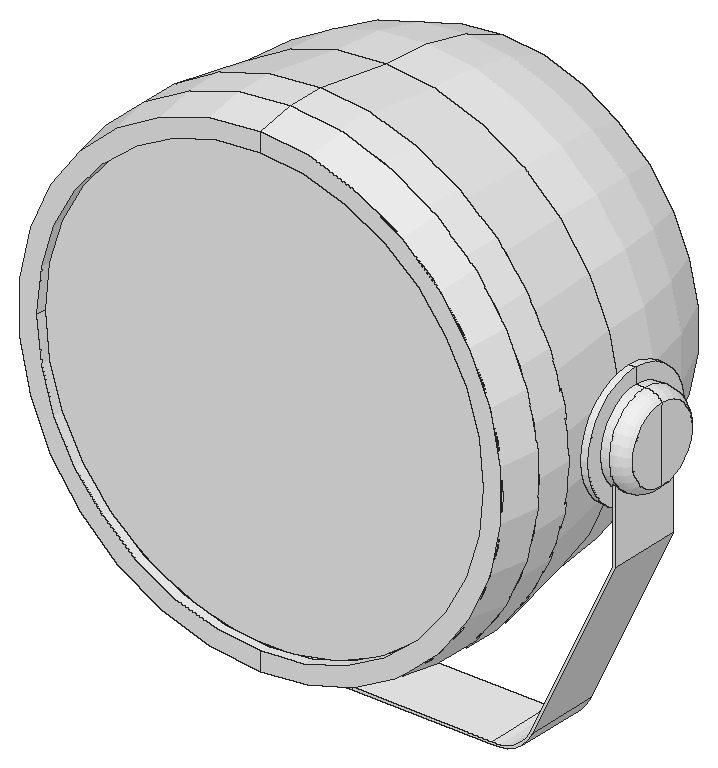
Revit family "Lighting-Accent-Acclaim-Dyna Drum HO White", category Lighting Fixtures, host Face, Revit 2015
Parameters (values of type "Dyna Drum HO White")
  Width = 8.22"
  Length = 15.46875"
  Wattage = 9.2903 W
  built-in parameter 1150110 = 1 (stored number, unit not read)
  Voltage = 0 V
  URL = "http://www.acclaimlighting.com/"
  built-in parameter 1114217 = 1 (stored number, unit not read)
  Tilt Angle = -90.00°
  built-in parameter 1150109 = 1 (stored number, unit not read)
  built-in parameter 1150134 = 3
  built-in parameter 1150113 = 1 (stored number, unit not read)
  Power Factor = 1
  Photometric Web File = "generic"
  Number of Poles = 1
  built-in parameter 1150142 = (empty or 0)
  Model = "Dyna Drum HO White"
  Manufacturer = "Acclaim Lighting"
  built-in parameter 1150105 = 109.82 (stored number, unit not read)
  Lumens = 1380 lm
  built-in parameter 1150115 = 1 (stored number, unit not read)
  built-in parameter 1150137 = (empty or 0)
  built-in parameter 1150139 = (empty or 0)
  built-in parameter 1150112 = 1 (stored number, unit not read)
  built-in parameter 1150114 = 1 (stored number, unit not read)
  Lamp = "LED"
  built-in parameter 1150132 = (empty or 0)
  built-in parameter 1150102 = (empty or 0)
  built-in parameter 1150107 = 3200 (stored number, unit not read)
  built-in parameter 1150138 = (empty or 0)
  built-in parameter 1150106 = 1.0982 (stored number, unit not read)
  Housing Finish = Aluminum
  Height = 14.88"
  built-in parameter 1150129 = 12.00"
  Emit Shape Visible in Rendering = no
  built-in parameter 1150104 = 13.8 (stored number, unit not read)
  Dimming Lamp Color Temperature Shift = <None>
  Description = "Accent Fixture"
  Default Elevation = 48.00"
  Color Filter = 16777215
  Emit from Circle Diameter = 12.00"
  built-in parameter 1150133 = 10 (stored number, unit not read)
  Apparent Load = 0 VA
Reference planes (in)
  plane 1 "Center (Front/Back)": y = 0
  plane 2: z = 0
  plane 3 "Center (Left/Right)": x = 0
  plane 4: x = 0
  plane 5: z = 9.2
  plane 6: x = -7.73437
  plane 7: x = 7.73438
  plane 8: y = 4.11
  plane 9: y = -4.11
  plane 10: z = 14.88
Forms (in)
  Revolve 1, solid, material "Aluminum" <- "Housing Finish"
    sketch origin (0, 0, -1) x (0, 1, 0) y (0, 0, 1)
      loop
        line (-4.01961, 15.7) -> (-4.01961, 9.2) -> (4.11, 9.2) -> (4.11, 14.4651)
        arc (4.11, 14.4651) -> (2.22274, 15.22118) -> (0.20654, 15.48258) r 8.08534
        line (0.20654, 15.48258) -> (-1.99241, 15.8653) -> (-2.99241, 15.8653) -> (-4.01961, 15.7)
      axis (-4.01961, 9.2) -> (4.11, 9.2)
    angle from 0 to 360
  Revolve 2, solid, material "Aluminum" <- "Housing Finish"
    sketch origin (0, 0, -1) x (-1, 0, 0) y (0, 0, 1)
      loop
        line (7.56973, 9.06446) -> (7.56973, 10.06446)
        arc (7.56973, 10.06446) -> (7.36985, 10.22736) -> (7.11657, 10.27577) r 0.52626
        line (7.11657, 10.27577) -> (6.86657, 10.27577) -> (6.86657, 10.67747) -> (6.6838, 10.67747) -> (6.6838, 9.06446) -> (7.56973, 9.06446)
      axis (6.6838, 9.06446) -> (7.56973, 9.06446)
    angle from 0 to 360
  Extrusion 3, solid, material "Aluminum" <- "Housing Finish"
    sketch origin (0.09498, 0, -0.0625) x (1, 0, 0) y (0, 0, 1)
      loop
        line (-7.17907, 8.4048) -> (-7.17907, 5.4048) -> (-4.96033, 0.64668)
        arc (-4.96033, 0.64668) -> (-4.50223, 0.14676) -> (-3.84024, 0) r 1.12746
        line (-3.84024, 0) -> (-0.14021, 0) -> (3.65028, 0)
        arc (3.65028, 0) -> (4.31227, 0.14676) -> (4.77037, 0.64668) r 1.12746
        line (4.77037, 0.64668) -> (6.98911, 5.4048) -> (6.98911, 8.4048) -> (6.92661, 8.3423) -> (6.92661, 5.41865) -> (4.71372, 0.6731)
        arc (4.71372, 0.6731) -> (4.27986, 0.20022) -> (3.65305, 0.0625) r 1.06496
        line (3.65305, 0.0625) -> (-0.0798, 0.0625) -> (-3.84301, 0.0625)
        arc (-3.84301, 0.0625) -> (-4.46982, 0.20022) -> (-4.90368, 0.6731) r 1.06496
        line (-4.90368, 0.6731) -> (-7.11657, 5.41865) -> (-7.11657, 8.3423) -> (-7.17907, 8.4048)
    from -0.97615 to 0.95624
  Extrusion 4, void
    sketch origin (0, -0.76961, -1) x (1, 0, 0) y (0, 0, 1)
      loop
        circle (0, 9.2) r 6
    from 2.98826 to 3.25
  Revolve 5, solid, material "Aluminum" <- "Housing Finish"
    sketch origin (0, 0, -1) x (1, 0, 0) y (0, 0, 1)
      loop
        line (7.56973, 9.06446) -> (7.56973, 10.06446)
        arc (7.56973, 10.06446) -> (7.36985, 10.22736) -> (7.11657, 10.27577) r 0.52626
        line (7.11657, 10.27577) -> (6.86657, 10.27577) -> (6.86657, 10.67747) -> (6.6838, 10.67747) -> (6.6838, 9.06446) -> (7.56973, 9.06446)
      axis (6.6838, 9.06446) -> (7.56973, 9.06446)
    angle from 0 to 360
Cuts and joins
  Extrusion 4 cuts Revolve 1
Dimensions and locks (in)
  equal spacing: plane 7, plane 3 "Center (Left/Right)", plane 6
  "Length": plane 7 to plane 6
  equal spacing: plane 8, plane 1 "Center (Front/Back)", plane 9
  "Width": plane 8 to plane 9
  "Height": plane 10 to host face
  aligned and locked: plane 2 to host face
  aligned and locked: level to host face
Automatic sketch dimensions
  host sketch curve to host sketch curve = 96.00"  (x2)
  plane 5 to Revolve 2 sketch curve = 1.13554"  (x2)
  Revolve 2 sketch curve to plane 6 = 1.05057"
  Revolve 2 sketch curve to Revolve 2 sketch curve = 0.18277"
  Revolve 2 sketch curve to Revolve 2 sketch curve = 0.25"
  Revolve 2 sketch curve to Revolve 2 sketch curve = 0.03087"
  Revolve 2 sketch curve to plane 6 = 0.16465"
  plane 5 to Revolve 2 sketch curve = 0.44959"
  Revolve 2 sketch curve to Revolve 2 sketch curve = 0.31405"
  Revolve 2 sketch curve to Revolve 2 sketch curve = 0.40171"
  Revolve 2 sketch curve to Revolve 2 sketch curve = 0.00"
  plane 6 to Revolve 2 sketch curve = 0.79782"
  Extrusion 3 sketch curve to Extrusion 3 sketch curve = 0.00"  (x4)
  Extrusion 3 sketch curve to level = 0.00"
  plane 6 to Extrusion 3 sketch curve = 0.65028"
  Extrusion 3 sketch curve to Extrusion 3 sketch curve = 0.0625"  (x4)
  level to Extrusion 3 sketch curve = 0.58418"  (x2)
  plane 6 to Extrusion 3 sketch curve = 2.86903"
  level to Extrusion 3 sketch curve = 0.6106"  (x2)
  Extrusion 3 sketch curve to Extrusion 3 sketch curve = 0.05664"
  Extrusion 3 sketch curve to Extrusion 3 sketch curve = 0.96518"  (x2)
  Extrusion 3 sketch curve to Extrusion 3 sketch curve = 0.0955"  (x2)
  Extrusion 3 sketch curve to level = 0.0625"
  Extrusion 3 sketch curve to plane 3 "Center (Left/Right)" = 0.04523"
  plane 3 "Center (Left/Right)" to Extrusion 3 sketch curve = 0.01518"
  Extrusion 3 sketch curve to Extrusion 3 sketch curve = 3.73009"
  Extrusion 3 sketch curve to Extrusion 3 sketch curve = 0.00277"
  Extrusion 3 sketch curve to plane 7 = 0.71278"
  Extrusion 3 sketch curve to Extrusion 3 sketch curve = 0.01386"  (x2)
  Extrusion 3 sketch curve to plane 5 = 0.9202"  (x2)
  Extrusion 4 sketch curve to plane 3 "Center (Left/Right)" = 0.00"
  Extrusion 4 sketch curve to plane 5 = 1.00"
  Revolve 5 sketch curve to plane 5 = 1.13554"  (x2)
  Revolve 5 sketch curve to plane 7 = 1.05057"
  Revolve 5 sketch curve to Revolve 5 sketch curve = 0.18277"
  Revolve 5 sketch curve to Revolve 5 sketch curve = 0.25"
  Revolve 5 sketch curve to Revolve 5 sketch curve = 0.03087"
  Revolve 5 sketch curve to plane 7 = 0.16465"
  Revolve 5 sketch curve to plane 5 = 0.44959"
  Revolve 5 sketch curve to Revolve 5 sketch curve = 0.31405"
  Revolve 5 sketch curve to Revolve 5 sketch curve = 0.40171"
  Revolve 5 sketch curve to Revolve 5 sketch curve = 0.00"
  plane 7 to Revolve 5 sketch curve = 0.79782"
  Extrusion 3 sketch curve to Extrusion 3 sketch curve = 2.9375"  (x2)
  Revolve 1 sketch curve to plane 8 = 0.00"
  Revolve 1 sketch curve to plane 1 "Center (Front/Back)" = 0.20654"
  Revolve 1 sketch curve to plane 1 "Center (Front/Back)" = 0.18336"
  Revolve 1 sketch curve to plane 10 = 0.0147"
  Revolve 1 sketch curve to plane 9 = 1.11759"
  Revolve 1 sketch curve to plane 9 = 0.09039"
  Revolve 1 sketch curve to plane 10 = 0.18"
  Revolve 1 sketch curve to plane 10 = 0.39742"
  Revolve 1 sketch curve to Revolve 1 sketch curve = 1.01748"
  Revolve 1 sketch curve to plane 5 = 1.00"  (x2)
  Revolve 1 sketch curve to Revolve 1 sketch curve = 1.00"
  Revolve 1 sketch curve to Revolve 1 sketch curve = 0.76961"
  Revolve 1 sketch curve to plane 8 = 4.39"
  radius of Extrusion 4 sketch curve = 6.00"
Connectors (in)
  electrical at (0, 4.11, 8.2), driven by "Number of Poles", driven by "Voltage", driven by "Apparent Load", driven by "Power Factor"
    settings: on cut or joined group of Revolve 1, Extrusion 4, index 1, voltage 0 V, apparent load 0 VA, apparent load phase1 0 VA, apparent load phase2 0 VA, apparent load phase3 0 VA, power factor 1, load classification "Other", number of poles 1, system type 31, power factor state 1, is connector primary yes, connector utility yes, sub classification motor no, connector description ""
